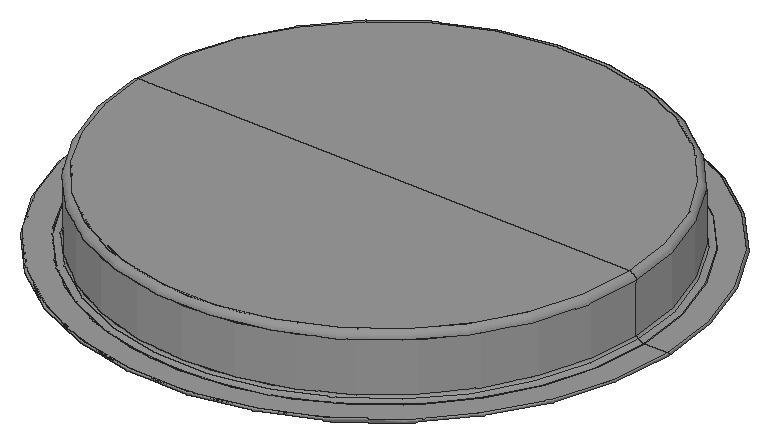
Revit family "MIA12_63_UN_Downlighter_ETK", category Lighting Fixtures, Revit 2017 (continued)
Definition of nested family "MIA.1 - Lightsource"
  Types (8, lengths in mm): name | Wattage | built-in parameter 1150134 | Photometric Web File | built-in parameter 1150142 | built-in parameter 1150105 | Lumens | built-in parameter 1150107 | built-in parameter 1150106
      2894 320.0411 317.2972 314.8072 312.5106 \r\n309.5975 306.3218 303.0219 299.8549 296.9781 293.2914 \r\n289.9674 286.5103 282.8599 279.1249 275.559 271.2559 \r\n267.7868 263.5441 259.2893 255.2278 250.9005 246.7908 \r\n242.0887 237.1208 232.6846 227.8375 223.7157 218.2763 \r\n212.8369 207.3976 202.3812 197.2924 192.2277 186.9334 \r\n181.7237 176.7194 171.4856 166.2758 160.6672 155.2158 \r\n149.8731 144.4216 138.9581 133.6275 128.4298 122.8938 \r\n117.2851 111.8095 106.4306 100.8582 95.3584 89.9432 84.4192 \r\n79.0886 73.758 68.234 62.9034 57.6454 52.4961 47.2984 \r\n42.1492 37.1449 32.2253 27.2936 22.4586 17.7203 13.0062 \r\n8.4492 4.0735 1.1121 0.0604 0.0604 0.0604 0.0604 0.0725 \r\n0.0725 0.0725 0.0846 0.0846 0.0967 0.1088 0.1209 0.1209 \r\n0.133 0.133 0.1571 0.1571 0.1692 0.1813 0.1813 0.1934 \r\n0.2055 0.2055 0.2176 0.2297 0.2297 0.2418 0.2538 0.2538 \r\n0.2659 0.2659 0.278 0.2901 0.2901 0.3022 0.3022 0.3143 \r\n0.3264 0.3264 0.3385 0.3385 0.3505 0.3505 0.3626 0.3626 \r\n0.3747 0.3868 0.3868 0.3868 0.411 0.411 0.4231 0.4231 \r\n0.4352 0.4352 0.4472 0.4472 0.4593 0.4593 0.4593 0.4714 \r\n0.4714 0.4714 0.4835 0.4835 0.4835 0.4956 0.4956 0.5198 \r\n0.5198 0.5319 0.5439 0.5439 0.556 0.5681 0.5802 0.5923 \r\n0.5923 0.6044 0.6044 0.6165 0.6165 0.6165 0.6165 0.6286 \r\n0.6286 0.6286 0.6286 0.6286 0.6286 0.6406 \r\n347.3105 347.2259 347.5644 346.8875 346.0776 344.0106 \r\n343.9018 343.2612 342.1612 340.5657 339.6833 338.0152 \r\n335.8637 334.2923 332.4066 330.5572 328.9254 326.3508 \r\n324.0904 321.5762 319.3521 316.4269 313.5501 311.0117 \r\n308.014 304.968 301.8373 297.9935 295.3947 291.9255 \r\n288.2872 284.9873 281.2764 277.2392 273.4437 269.5032 \r\n265.0671 261.2233 256.8113 253.3664 248.6402 244.1919 \r\n239.5503 235.223 230.5572 225.9398 221.0444 216.2456 \r\n211.2656 206.2734 201.4989 196.5188 191.1761 186.0389 \r\n180.8776 175.4382 170.1438 164.7286 159.2409 154.14 \r\n148.7489 143.2612 137.7372 132.189 126.9431 121.129 \r\n115.9072 110.4194 104.9317 99.4319 93.9925 88.4202 83.1621 \r\n77.6623 72.235 67.0615 61.6826 56.4366 51.1664 46.0534 \r\n40.9525 35.9483 30.9924 26.0486 21.274 16.4511 11.7732 \r\n7.2283 3.0219 0.689 0.0846 0.0846 0.0725 0.0725 0.0725 \r\n0.0725 0.0725 0.0725 0.0725 0.0846 0.0846 0.0967 0.0967 \r\n0.1088 0.1088 0.1209 0.133 0.1451 0.1571 0.1571 0.1692 \r\n0.1813 0.1813 0.1934 0.2055 0.2176 0.2176 0.2297 0.2297 \r\n0.2418 0.2538 0.2659 0.2659 0.278 0.278 0.278 0.2901 0.2901 \r\n0.3022 0.3143 0.3264 0.3264 0.3264 0.3385 0.3385 0.3505 \r\n0.3626 0.3626 0.3868 0.3868 0.3868 0.3989 0.3989 0.411 \r\n0.411 0.4231 0.4352 0.4352 0.4352 0.4352 0.4472 0.4472 \r\n0.4472 0.4593 0.4593 0.4593 0.4714 0.4714 0.4956 0.4956 \r\n0.5077 0.5077 0.5198 0.5439 0.556 0.556 0.556 0.5681 0.5802 \r\n0.5923 0.6165 0.6286 0.6286 0.6286 0.6406 0.6406 0.6406 \r\n0.6406 0.6406 0.6406 0.6406 \r\n346.7666 346.4402 345.9567 345.9446 345.3282 344.204 \r\n343.8293 342.4634 341.1822 340.2998 338.5833 337.3625 \r\n335.9362 333.8813 331.8143 330.2671 327.9463 326.0123 \r\n323.1234 320.851 318.8444 316.161 313.3084 309.9601 307.047 \r\n304.4119 301.0274 298.2352 294.5002 291.164 287.5257 284.25 \r\n280.6479 276.792 273.202 268.9955 264.7286 260.4497 \r\n256.6421 252.0972 247.9874 243.7689 239.3207 234.3406 \r\n229.9045 225.2992 220.0169 214.7347 209.4524 204.3515 \r\n199.033 194.0409 188.9399 184.0687 178.9073 173.8547 \r\n168.5241 163.121 157.8025 152.2422 146.8875 141.4481 \r\n136.0812 130.7869 125.1058 119.7026 114.3721 108.7997 \r\n103.3724 97.8605 92.4816 87.0543 81.6632 76.1876 70.7845 \r\n65.4901 60.1837 54.974 49.8006 44.5062 39.4778 34.4615 \r\n29.5298 24.719 19.896 15.1094 10.4557 5.9591 2.0911 0.2538 \r\n0.0725 0.0725 0.0725 0.0725 0.0725 0.0846 0.0846 0.0967 \r\n0.0967 0.1088 0.1209 0.1209 0.133 0.1451 0.1451 0.1571 \r\n0.1692 0.1692 0.1813 0.1934 0.1934 0.2176 0.2176 0.2297 \r\n0.2297 0.2418 0.2538 0.2538 0.2659 0.278 0.278 0.2901 \r\n0.2901 0.3022 0.3022 0.3143 0.3264 0.3264 0.3385 0.3385 \r\n0.3505 0.3505 0.3626 0.3626 0.3747 0.3747 0.3868 0.3868 \r\n0.3989 0.411 0.4231 0.4231 0.4352 0.4352 0.4472 0.4593 \r\n0.4593 0.4593 0.4714 0.4714 0.4714 0.4835 0.4835 0.4835 \r\n0.4835 0.4956 0.4956 0.5198 0.5198 0.5319 0.5439 0.556 \r\n0.556 0.5681 0.5802 0.5923 0.5923 0.6044 0.6044 0.6165 \r\n0.6165 0.6165 0.6165 0.6286 0.6286 0.6286 0.6286 0.6286 \r\n0.6286 0.6286 0.6406 \r\n348.3742 347.5281 347.0446 347.1171 345.6545 344.7842 \r\n343.8777 343.237 342.1008 340.3965 338.4987 337.5438 \r\n335.912 334.1956 332.2737 329.9529 327.7408 325.8915 \r\n323.3652 320.5488 318.3126 315.8226 312.6315 309.8392 \r\n307.0591 303.2636 300.5198 297.5341 294.0892 290.463 \r\n286.8609 282.6061 279.0161 275.5953 271.2438 267.8956 \r\n263.6287 259.6156 255.0465 251.1302 247.0688 241.9437 \r\n237.6163 232.9385 228.3694 223.6674 218.7598 213.8281 \r\n208.6547 204.0251 198.9605 194.1738 189.0729 183.6335 \r\n178.7381 173.4196 167.9197 162.7342 157.2465 151.8433 \r\n146.2106 140.8316 135.1988 129.832 124.308 118.7477 \r\n113.2117 107.7602 102.3208 97.099 91.5146 86.0389 80.5633 \r\n75.2206 69.7329 64.5111 59.2288 53.9707 48.7731 43.6359 \r\n38.6196 33.6637 28.732 23.7036 18.9653 14.2391 9.537 5.0888 \r\n1.5835 0.1451 0.0846 0.0846 0.0846 0.0846 0.0846 0.0846 \r\n0.0846 0.0846 0.0846 0.0846 0.0846 0.0967 0.0967 0.1209 \r\n0.1209 0.133 0.1451 0.1571 0.1571 0.1571 0.1692 0.1813 \r\n0.1934 0.2055 0.2055 0.2176 0.2297 0.2297 0.2418 0.2418 \r\n0.2538 0.2659 0.2659 0.278 0.278 0.2901 0.2901 0.3022 \r\n0.3022 0.3264 0.3264 0.3264 0.3264 0.3385 0.3385 0.3505 \r\n0.3626 0.3626 0.3747 0.3868 0.3868 0.3989 0.411 0.411 \r\n0.4231 0.4352 0.4352 0.4472 0.4472 0.4472 0.4472 0.4472 \r\n0.4472 0.4593 0.4593 0.4593 0.4714 0.4835 0.4956 0.4956 \r\n0.5077 0.5198 0.5319 0.5439 0.556 0.556 0.5681 0.5681 \r\n0.5802 0.5923 0.6165 0.6286 0.6406 0.6406 0.6406 0.6527 \r\n0.6527 0.6527 0.6648 0.6406 0.6406 \r\n347.794 347.371 346.549 345.9688 345.4491 344.1557 343.1403 \r\n342.959 341.8953 340.8316 339.2965 338.0152 336.5526 \r\n334.2439 332.5758 330.7385 328.2364 325.9277 323.6069 \r\n321.1531 318.0829 315.8951 312.9941 310.1777 306.8174 \r\n304.1702 301.0758 297.6429 294.3914 290.8014 287.2477 \r\n283.7906 280.1644 276.5623 272.1262 268.1736 264.1605 \r\n259.8936 255.7597 251.5774 246.4886 242.3305 237.8581 \r\n233.2165 228.6595 224.2596 218.8323 213.4051 207.9898 \r\n202.9373 197.8847 193.0134 188.0938 182.6544 177.2996 \r\n172.0778 166.6143 161.1386 155.9289 150.6588 145.3161 \r\n139.8042 134.3165 128.7199 123.3893 117.8049 112.4501 \r\n106.902 101.4384 95.9265 90.5597 84.9752 79.4875 74.1569 \r\n68.8867 63.5803 58.153 53.0037 47.8545 42.7052 37.6526 \r\n32.6725 27.7529 22.8938 18.0708 13.3688 8.7393 4.3757 \r\n1.2571 0.0725 0.0725 0.0725 0.0725 0.0846 0.0846 0.0967 \r\n0.1088 0.1088 0.1088 0.1209 0.133 0.1451 0.1451 0.1571 \r\n0.1571 0.1692 0.1813 0.1934 0.1934 0.2055 0.2055 0.2176 \r\n0.2297 0.2418 0.2418 0.2538 0.2659 0.2659 0.278 0.2901 \r\n0.3022 0.3022 0.3022 0.3143 0.3143 0.3264 0.3264 0.3385 \r\n0.3385 0.3505 0.3626 0.3626 0.3747 0.3747 0.3868 0.3989 \r\n0.3989 0.3989 0.411 0.4231 0.4352 0.4352 0.4472 0.4472 \r\n0.4593 0.4593 0.4714 0.4714 0.4835 0.4835 0.4835 0.4835 \r\n0.4835 0.4956 0.4956 0.5077 0.5077 0.5198 0.5319 0.5439 \r\n0.5439 0.556 0.556 0.5681 0.5802 0.5923 0.6044 0.6044 \r\n0.6165 0.6165 0.6165 0.6165 0.6286 0.6286 0.6286 0.6406 \r\n0.6406 0.6286 0.6286 0.6286 0.6406 \r\n346.5369 347.3589 346.6941 345.5578 344.8689 344.5546 \r\n343.6843 342.4755 341.2909 340.0701 337.979 336.4439 \r\n334.7033 332.878 330.8957 328.7804 326.242 324.5497 \r\n322.4828 319.6543 317.128 314.1061 311.5073 308.9568 \r\n306.1767 302.4538 299.6857 296.2045 292.9772 289.0729 \r\n285.5796 282.1588 278.4238 274.3503 270.4219 266.6747 \r\n262.3595 258.2618 253.7773 249.5105 245.026 240.8558 \r\n236.0571 231.5242 226.7376 221.9267 217.5269 212.4622 \r\n207.3009 202.3208 197.1232 192.2398 187.2598 182.1226 \r\n176.5623 171.4614 166.1912 160.8969 155.4817 150.1632 \r\n144.748 139.1877 133.6637 128.043 122.5553 117.1038 \r\n111.6403 106.1646 100.7011 95.2133 89.7981 84.5763 78.9073 \r\n73.6371 68.1857 63.0968 57.6816 52.5565 47.371 42.2338 \r\n37.1328 32.2495 27.342 22.4707 17.7324 13.0424 8.425 4.0856 \r\n1.1604 0.1088 0.0846 0.0846 0.0846 0.0846 0.0846 0.0846 \r\n0.0846 0.0846 0.0846 0.0846 0.0967 0.1088 0.1209 0.1209 \r\n0.133 0.1451 0.1451 0.1571 0.1692 0.1813 0.1813 0.2055 \r\n0.2055 0.2176 0.2176 0.2176 0.2297 0.2418 0.2538 0.2659 \r\n0.2659 0.2659 0.278 0.278 0.2901 0.2901 0.3022 0.3143 \r\n0.3264 0.3264 0.3264 0.3264 0.3385 0.3385 0.3505 0.3626 \r\n0.3747 0.3868 0.3868 0.3868 0.3989 0.411 0.411 0.4231 \r\n0.4352 0.4472 0.4352 0.4472 0.4472 0.4472 0.4472 0.4593 \r\n0.4593 0.4593 0.4593 0.4714 0.4714 0.4956 0.4956 0.5077 \r\n0.5077 0.5198 0.5319 0.556 0.556 0.556 0.5681 0.5681 0.5802 \r\n0.6044 0.6286 0.6286 0.6406 0.6406 0.6406 0.6648 0.6648 \r\n0.6648 0.6648 0.6527 0.6406 \r\n347.0688 347.0204 346.4402 345.8238 345.4249 344.7722 \r\n343.9502 343.0315 341.6536 340.2031 338.68 337.1812 \r\n335.2593 333.3011 331.3067 329.4935 327.5474 325.2025 \r\n322.7124 320.0894 317.3818 314.9039 312.3776 309.3678 \r\n306.5393 303.4329 300.133 296.8814 293.6299 290.0157 \r\n286.7158 282.8116 279.2095 275.2689 271.3042 267.0374 \r\n262.8792 258.8662 254.5509 250.3082 245.9567 241.5327 \r\n236.7098 232.2253 227.4024 223.1355 217.5269 211.9304 \r\n207.0833 202.1516 197.4374 192.0343 186.8004 181.9775 \r\n176.5986 171.2196 165.8286 160.5464 155.0949 149.6313 \r\n144.059 138.813 133.5187 127.9342 122.519 116.9709 111.5073 \r\n106.08 100.5681 95.1287 89.7377 84.3467 78.8469 73.3591 \r\n68.0648 62.6858 57.4761 52.2785 47.2138 42.0283 36.8911 \r\n31.9715 27.0277 22.1806 17.5148 12.7886 8.2558 3.9889 \r\n1.0758 0.0725 0.0725 0.0725 0.0846 0.0846 0.0846 0.0967 \r\n0.0967 0.1088 0.1209 0.1209 0.133 0.1451 0.1571 0.1571 \r\n0.1692 0.1813 0.1813 0.1934 0.2055 0.2176 0.2297 0.2297 \r\n0.2418 0.2418 0.2538 0.2659 0.2659 0.278 0.2901 0.2901 \r\n0.3022 0.3022 0.3143 0.3264 0.3264 0.3264 0.3385 0.3505 \r\n0.3505 0.3626 0.3626 0.3626 0.3747 0.3868 0.3868 0.3989 \r\n0.3989 0.411 0.411 0.4231 0.4352 0.4352 0.4472 0.4593 \r\n0.4593 0.4714 0.4714 0.4714 0.4835 0.4835 0.4835 0.4956 \r\n0.4956 0.4956 0.4956 0.5077 0.5077 0.5198 0.5319 0.5439 \r\n0.5439 0.556 0.5681 0.5681 0.5923 0.5923 0.6044 0.6044 \r\n0.6165 0.6286 0.6286 0.6286 0.6286 0.6286 0.6406 0.6406 \r\n0.6406 0.6406 0.6406 0.6406 0.6406 \r\n347.794 347.5885 347.0083 346.0293 345.9084 344.9776 \r\n343.4304 342.1612 341.9437 339.8404 338.813 337.3988 \r\n335.3922 333.5549 331.6088 329.7836 327.8134 325.42 \r\n322.7366 320.1982 317.5752 314.4446 312.148 309.4041 \r\n306.4547 302.8889 300.2176 296.5913 293.2431 289.5806 \r\n285.7851 282.7028 279.004 275.3052 270.8812 267.1945 \r\n262.9759 258.8058 254.3334 250.1632 245.7029 241.436 \r\n236.746 232.2495 227.5595 222.785 217.7324 213.0424 \r\n207.9778 203.1307 197.788 192.6508 187.707 182.8478 \r\n177.5656 172.2954 166.5659 161.3441 155.8564 150.5016 \r\n145.0381 139.7921 134.4252 128.4057 123.0992 117.4665 \r\n111.9666 106.4789 100.9791 95.576 90.0641 84.7576 79.2337 \r\n73.8184 68.4758 63.1452 57.8992 52.7257 47.5885 42.4755 \r\n37.3262 32.4066 27.4266 22.6399 17.8774 13.2117 8.6547 \r\n4.3032 1.2813 0.1088 0.0846 0.0846 0.0846 0.0846 0.0846 \r\n0.0846 0.0846 0.0846 0.0967 0.0967 0.0967 0.1088 0.1088 \r\n0.1209 0.133 0.1571 0.1571 0.1571 0.1692 0.1813 0.1934 \r\n0.2055 0.2176 0.2055 0.2176 0.2297 0.2418 0.2418 0.2538 \r\n0.2659 0.2659 0.278 0.278 0.2901 0.2901 0.3022 0.3264 \r\n0.3264 0.3264 0.3264 0.3264 0.3385 0.3505 0.3505 0.3505 \r\n0.3747 0.3747 0.3868 0.3868 0.3989 0.3989 0.3989 0.4231 \r\n0.4352 0.4352 0.4472 0.4472 0.4472 0.4472 0.4472 0.4593 \r\n0.4593 0.4593 0.4714 0.4714 0.4714 0.4714 0.4956 0.5077 \r\n0.5077 0.5077 0.5319 0.5319 0.556 0.556 0.556 0.5681 0.5802 \r\n0.5802 0.6044 0.6286 0.6406 0.6406 0.6527 0.6648 0.6769 \r\n0.6769 0.6769 0.6769 0.6527 0.6406 \r\n347.4918 347.4556 347.4556 346.5853 345.7633 345.2194 \r\n344.5062 343.2733 341.581 341.2426 340.5899 338.3053 \r\n336.4318 334.5582 333.3495 331.8627 329.8682 327.2211 \r\n325.4805 323.4014 320.7422 318.4093 315.6171 312.7644 \r\n309.3195 306.4668 303.6383 300.0363 296.7243 292.7354 \r\n290.6322 287.6224 283.5489 279.7292 275.5107 271.7152 \r\n266.9527 264.6803 259.1563 254.9015 250.1994 246.0413 \r\n241.3756 237.3262 232.6363 228.0189 222.9542 217.9862 \r\n212.704 207.5184 202.7076 197.5221 192.4816 187.1389 \r\n182.4006 176.5744 171.0141 165.5627 160.4134 154.841 \r\n148.9061 143.4063 137.8944 132.2857 126.5079 121.0081 \r\n115.2665 109.5975 103.9284 98.2594 93.1222 87.0301 81.8687 \r\n76.1272 70.5669 65.0792 59.8453 54.2488 49.039 43.8051 \r\n38.5713 33.5308 28.4661 23.5223 18.6389 13.8523 9.1261 4.69 \r\n1.4868 0.1571 0.133 0.133 0.133 0.133 0.1451 0.1451 0.1451 \r\n0.1451 0.1451 0.1451 0.1451 0.1571 0.1692 0.1813 0.1934 \r\n0.2055 0.2055 0.2176 0.2297 0.2418 0.2538 0.2659 0.2659 \r\n0.278 0.2901 0.3022 0.3143 0.3264 0.3264 0.3385 0.3385 \r\n0.3505 0.3626 0.3626 0.3747 0.3747 0.3868 0.3989 0.3989 \r\n0.411 0.411 0.4352 0.4352 0.4352 0.4472 0.4472 0.4472 \r\n0.4593 0.4714 0.4714 0.4835 0.4835 0.4956 0.4956 0.4956 \r\n0.5077 0.5077 0.5077 0.5198 0.5319 0.5439 0.5439 0.5439 \r\n0.556 0.556 0.556 0.556 0.556 0.556 0.556 0.556 0.556 0.556 \r\n0.556 0.556 0.556 0.556 0.5681 0.5681 0.5802 0.5802 0.6165 \r\n0.6406 0.6648 0.6648 0.6769 0.6769 0.6769 0.6769 0.6769 \r\n0.6406 \r\n348.6764 349.6434 348.4468 348.1446 347.9753 346.8512 \r\n345.9688 344.9535 344.337 342.7535 342.1612 341.3151 \r\n338.7526 337.5076 335.6098 334.1593 331.3187 329.8924 \r\n327.487 326.0002 322.9058 320.3916 317.6115 315.1457 \r\n312.3414 309.4524 306.0558 303.2757 299.9637 296.6759 \r\n292.9772 289.6531 286.1235 282.4973 277.9524 274.169 \r\n270.2889 266.1912 262.1903 257.6212 253.1971 248.8215 \r\n244.3612 239.635 235.078 230.666 225.6739 220.1499 214.6259 \r\n209.114 204.279 198.9846 193.7024 188.4806 183.2346 \r\n177.9886 172.5734 166.989 161.4287 155.9531 150.5137 \r\n144.8809 139.3207 133.5912 128.0068 122.374 116.7412 \r\n111.2897 105.6086 99.6736 93.9079 88.4564 82.9566 77.3963 \r\n71.9811 66.4451 60.9452 55.7355 50.1994 44.9414 39.6229 \r\n34.5703 29.4694 24.4893 19.5455 14.7105 10.0447 5.4998 \r\n1.8252 0.1934 0.1088 0.1088 0.1209 0.1209 0.1209 0.1209 \r\n0.133 0.133 0.1451 0.1571 0.1571 0.1813 0.1934 0.2055 \r\n0.2055 0.2176 0.2297 0.2418 0.2538 0.2538 0.2659 0.278 \r\n0.2901 0.2901 0.3022 0.3143 0.3264 0.3385 0.3385 0.3505 \r\n0.3626 0.3747 0.3747 0.3868 0.3868 0.3868 0.3989 0.411 \r\n0.4231 0.4352 0.4352 0.4472 0.4472 0.4593 0.4593 0.4714 \r\n0.4714 0.4835 0.4956 0.4956 0.4956 0.4956 0.5077 0.5077 \r\n0.5198 0.5198 0.5319 0.5319 0.5319 0.5319 0.5319 0.5319 \r\n0.5439 0.5439 0.5439 0.5439 0.5439 0.5439 0.5439 0.5439 \r\n0.5439 0.5439 0.556 0.556 0.5681 0.5681 0.5681 0.5802 \r\n0.5923 0.5923 0.6044 0.6406 0.6527 0.6527 0.6648 0.6648 \r\n0.6648 0.6769 0.6648 0.6406 0.6406 \r\n347.5281 347.8666 347.5765 347.105 347.7094 346.2952 \r\n345.2677 344.059 343.6238 343.5392 342.2217 340.336 \r\n339.1515 337.4109 335.5494 333.4582 331.2825 329.5177 \r\n327.354 325.3596 323.0751 320.8751 317.7807 314.5171 \r\n312.2326 309.5491 306.1525 302.623 299.5528 296.41 293.6057 \r\n290.197 286.2202 282.3039 278.448 275.1481 270.8933 266.711 \r\n262.0815 258.008 253.4147 248.8336 244.6271 240.1547 \r\n235.5373 230.4364 225.831 221.3345 216.1731 210.8546 \r\n205.6086 200.6527 195.6364 190.2816 185.1082 179.56 174.169 \r\n168.7296 163.2902 158.1289 152.4235 146.6578 141.0371 \r\n135.3197 129.6869 124.0662 118.3609 112.7402 107.1437 \r\n101.5472 95.9023 90.3179 84.6005 78.9556 73.3591 67.823 \r\n62.3837 57.1256 51.6016 46.2952 41.0734 36.0087 30.8715 \r\n25.8068 20.863 16.0039 11.2535 6.6481 2.623 0.5319 0.133 \r\n0.133 0.133 0.133 0.133 0.133 0.133 0.133 0.133 0.133 \r\n0.1451 0.1571 0.1692 0.1692 0.1813 0.1934 0.2055 0.2176 \r\n0.2176 0.2176 0.2418 0.2418 0.2659 0.2659 0.278 0.278 \r\n0.2901 0.3022 0.3264 0.3264 0.3264 0.3385 0.3505 0.3505 \r\n0.3505 0.3626 0.3626 0.3868 0.3868 0.3868 0.3989 0.411 \r\n0.4231 0.4352 0.4352 0.4472 0.4472 0.4472 0.4593 0.4593 \r\n0.4714 0.4835 0.4956 0.4956 0.4956 0.4956 0.4956 0.5077 \r\n0.5077 0.5198 0.5198 0.5439 0.556 0.556 0.556 0.556 0.556 \r\n0.556 0.556 0.556 0.556 0.556 0.556 0.556 0.556 0.556 0.556 \r\n0.556 0.556 0.556 0.5681 0.6165 0.6406 0.6406 0.6648 0.6769 \r\n0.6769 0.6769 0.6769 0.6648 0.6406 \r\n348.1083 347.1534 347.3831 347.4918 347.3347 346.5248 \r\n346.0051 345.2436 343.648 342.7656 341.4843 340.4569 \r\n339.1635 337.5317 336.3472 334.3527 332.4791 330.4605 \r\n328.2364 3
      26.0002 323.6069 321.0564 318.2159 316.294 \r\n312.4622 310.3227 307.2404 303.6504 301.0879 297.6188 \r\n294.1376 290.463 287.1993 283.5368 279.7534 275.7283 \r\n272.2833 268.0285 263.5441 259.386 255.4212 250.3082 \r\n246.3798 241.8107 237.3746 232.455 227.6562 223.6311 \r\n218.0104 212.3897 206.7811 201.6923 196.4463 191.2003 \r\n185.8576 180.8292 175.281 169.5757 164.2814 158.8904 \r\n153.5598 147.9874 142.5239 136.7944 131.2462 125.5893 \r\n119.8598 113.9732 108.4733 102.7922 97.244 91.6959 86.1114 \r\n80.5028 74.8942 69.3582 63.8704 58.3464 53.0521 47.7336 \r\n42.5239 37.2416 32.177 27.209 22.2289 17.3577 12.571 7.9778 \r\n3.59 0.9791 0.0967 0.1088 0.1088 0.1088 0.1209 0.1209 0.133 \r\n0.133 0.1451 0.1571 0.1571 0.1692 0.1813 0.1813 0.1934 \r\n0.2055 0.2176 0.2297 0.2297 0.2418 0.2538 0.2538 0.2659 \r\n0.278 0.2901 0.3022 0.3143 0.3264 0.3264 0.3385 0.3505 \r\n0.3505 0.3626 0.3747 0.3747 0.3747 0.3868 0.3989 0.3989 \r\n0.411 0.4231 0.4231 0.4352 0.4472 0.4593 0.4593 0.4593 \r\n0.4714 0.4714 0.4835 0.4956 0.4956 0.4956 0.4956 0.5077 \r\n0.5198 0.5198 0.5198 0.5198 0.5198 0.5198 0.5198 0.5198 \r\n0.5319 0.5319 0.5319 0.5319 0.5319 0.5319 0.5319 0.5439 \r\n0.5439 0.5439 0.556 0.556 0.556 0.5681 0.5681 0.5802 0.5923 \r\n0.6044 0.6165 0.6165 0.6286 0.6406 0.6406 0.6527 0.6406 \r\n0.6406 0.6406 0.6406 \r\n347.5765 347.5039 347.6852 347.6611 346.96 345.9446 \r\n345.3403 344.8809 343.7931 343.1887 341.9195 340.3239 \r\n338.9581 337.435 335.767 334.0505 332.2253 330.0979 \r\n328.4177 326.0002 323.7278 321.2982 318.6631 316.1247 \r\n313.2842 310.0085 307.3009 304.2065 300.9428 297.3891 \r\n294.0529 290.6805 287.5982 283.8994 280.0677 276.526 \r\n272.4163 268.2945 264.1243 260.1837 255.8806 251.5412 \r\n246.8633 242.3063 238.0998 232.9868 228.2727 223.5586 \r\n218.4939 213.2842 208.3646 203.5054 198.5011 193.2793 \r\n188.3839 182.872 176.9975 171.6548 166.3121 161.1266 \r\n155.6872 149.9214 144.2766 138.5713 133.0231 127.2332 \r\n121.7938 115.9797 110.3832 104.7867 99.178 93.4969 87.985 \r\n82.2434 76.7799 71.0988 65.6956 60.3409 54.9377 49.6313 \r\n44.2403 39.0668 33.8934 28.8166 23.8487 18.9653 14.1787 \r\n9.4524 4.9438 1.5472 0.1692 0.1209 0.133 0.133 0.133 0.133 \r\n0.133 0.133 0.133 0.133 0.133 0.1451 0.1451 0.1571 0.1692 \r\n0.1692 0.1813 0.1934 0.2055 0.2176 0.2176 0.2297 0.2418 \r\n0.2659 0.2659 0.2659 0.278 0.2901 0.2901 0.3143 0.3143 \r\n0.3264 0.3385 0.3385 0.3385 0.3505 0.3505 0.3747 0.3868 \r\n0.3868 0.3868 0.3989 0.411 0.4231 0.4231 0.4352 0.4472 \r\n0.4472 0.4472 0.4593 0.4593 0.4714 0.4835 0.4835 0.4835 \r\n0.4956 0.4956 0.4956 0.5077 0.5077 0.5198 0.5198 0.5319 \r\n0.5319 0.5319 0.5319 0.5319 0.5319 0.5319 0.5319 0.5439 \r\n0.5439 0.5439 0.5439 0.5439 0.5439 0.5439 0.556 0.556 0.556 \r\n0.5802 0.6165 0.6286 0.6406 0.6527 0.6769 0.6769 0.6769 \r\n0.6769 0.6648 0.6406 \r\n347.3105 347.3226 348.0358 346.96 347.0446 346.1018 \r\n345.4853 345.3282 344.4337 344.1436 342.2096 341.5569 \r\n340.1426 338.7405 336.8669 335.1021 333.1198 331.1495 \r\n329.4331 326.9914 325.6134 322.3982 320.6213 318.2521 \r\n314.9281 311.7732 309.2228 306.5152 302.7439 299.867 \r\n296.3254 293.1222 289.2784 286.4015 282.1347 278.1941 \r\n274.5195 270.857 266.2517 262.154 258.2497 253.5477 \r\n249.3171 245.0864 240.6382 235.8153 231.4517 226.6771 \r\n221.0927 215.5083 209.9238 204.5449 199.2143 193.9562 \r\n189.2663 183.706 178.5084 173.4075 168.5604 162.9397 \r\n157.186 151.5895 146.1743 140.3965 134.7879 128.9254 \r\n123.2806 117.817 112.2688 106.4064 100.9428 95.1529 89.4718 \r\n84.0566 78.4117 72.8514 67.3033 61.9122 56.5454 51.106 \r\n45.86 40.602 35.4043 30.3276 25.3113 20.3916 15.4599 \r\n10.8062 6.1767 2.212 0.3505 0.0967 0.1088 0.1088 0.1088 \r\n0.1209 0.1209 0.133 0.133 0.1451 0.1451 0.1571 0.1692 \r\n0.1813 0.1934 0.1934 0.2055 0.2176 0.2176 0.2418 0.2418 \r\n0.2538 0.2538 0.2659 0.278 0.2901 0.3022 0.3143 0.3264 \r\n0.3264 0.3385 0.3505 0.3626 0.3626 0.3626 0.3747 0.3747 \r\n0.3868 0.3989 0.411 0.4231 0.4231 0.4231 0.4352 0.4472 \r\n0.4593 0.4593 0.4714 0.4714 0.4835 0.4956 0.4956 0.5077 \r\n0.5077 0.5077 0.5198 0.5198 0.5198 0.5319 0.5319 0.5319 \r\n0.5319 0.5319 0.5319 0.5319 0.5319 0.5319 0.5319 0.5319 \r\n0.5439 0.5439 0.5439 0.5439 0.556 0.556 0.556 0.5681 0.5681 \r\n0.5802 0.5923 0.5923 0.6044 0.6044 0.6165 0.6165 0.6286 \r\n0.6286 0.6286 0.6286 0.6286 0.6406 \r\n" | 79.577 (stored number, unit not read) | 1000 lm | 3000 (stored number, unit not read) | 0.79577 (stored number, unit not read)
